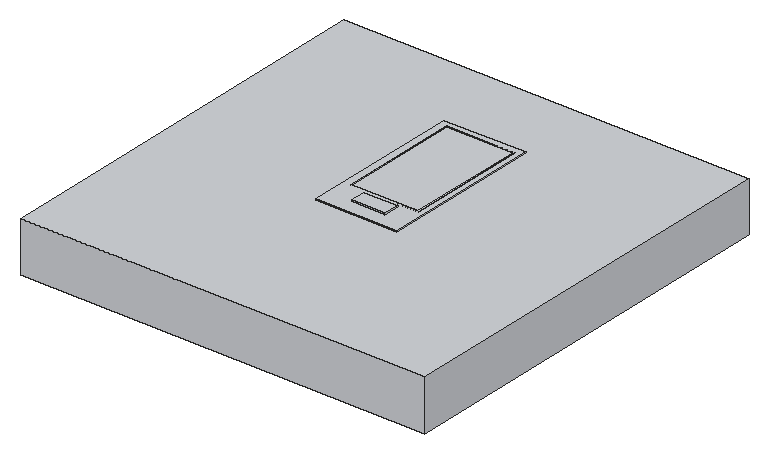
Revit family "M_Bebedouro - Embutido", category Peças hidrossanitárias, Revit 2019
Family settings
  Hospedeiro = Face
  Cota do conector redondo = Usar raio
  Tipo de parte = Normal
  Número OmniClass = 23.65.70.14.11
  Título OmniClass = Drinking Fountains/Coolers
  ID de item do Seek = Drinking Fountain - Recessed-0000-CAN-ENU
  Corte com vazios quando carregada = Não
  Compartilhado = Não
  Ponto de cálculo do ambiente = Não
Parameters (values of type "Padrão")
  WFU = 0.5
  Espessura = 3.2 mm
  Raio do sanitário = 16 mm
  Diâmetro do sanitário = Raio do sanitário * 2  # 32 mm
  Largura da meia fonte = Largura da fonte / 2  # 245 mm
  HWFU = 0
  Largura da fonte = 490 mm
  Comprimento da fonte = 305 mm
  Altura da fonte = 970 mm
  Pressão do fluxo [instance] = 55158.0 Pa
  Material da torneira = none
  Material de bebedouro = none
  Elevação-padrão = 915 mm
  Raio da água gelada = 5 mm
  Diâmetro da água gelada = Raio da água gelada * 2  # 10 mm
  CWFU = 0.25
  Material do botão = none
Reference planes
  plane 1 "Centro (Frente/Trás)": y = 0
  plane 2: z = 0
  plane 3 "Centro (Esquerda/Direita)": x = 0
  plane 4: z = -305
  plane 5: z = 3.2
  plane 6: z = 9.55
  plane 7: x = -245
  plane 8: x = 245
  plane 9: x = -203.725
  plane 10: x = 203.725
  plane 11: x = -101.6
  plane 12: y = -212.725
  plane 13: y = 757.275
  plane 14: y = 722.35
  plane 15: y = -120.65
  plane 16: y = -28.575
  plane 17: y = 50.8
  plane 18: x = 206.925
  plane 19: y = 725.55
  plane 20: x = -206.925
  plane 21: y = -3.2
  plane 22: z = -301.8
  plane 23: x = -178.325
  plane 24: x = 178.325
  plane 25: z = -282.75
  plane 26: z = -241.475
  plane 27: z = -31.725
  plane 28: z = -15.85
  plane 29: z = -41.153
  plane 30: x = -181.525
  plane 31: z = -37.953
  plane 32: z = -12.65
  plane 33: x = 181.525
  plane 34: z = -285.95
  plane 35: y = -57.15
  plane 36: y = -60.35
  plane 37: x = -121.175
  plane 38: x = 146.05
  plane 39: x = 149.225
  plane 40: x = 146.575
  plane 41: x = 149.775
  plane 42: x = 171.975
  plane 43: y = -31.775
Forms (mm)
  Extrusion 1, solid
    sketch origin (0, 0, 0) x (1, 0, 0) y (0, 1, 0)
      loop
        line (-1219.725, 1217.65) -> (-1219.725, -1219.2) -> (1219.725, -1219.2) -> (1219.725, 1217.65) -> (-1219.725, 1217.65)
    from 0 to -304.8
  Extrusion 2, solid, material <- "Material de bebedouro"
    sketch origin (0, 0, 0) x (1, 0, 0) y (0, 1, 0)
      loop
        line (-206.925, 725.55) -> (-206.925, -3.2) -> (206.925, -3.2) -> (206.925, 725.55) -> (-206.925, 725.55)
      loop
        line (203.725, 722.35) -> (-203.725, 722.35) -> (-203.725, 0) -> (203.725, 0) -> (203.725, 722.35)
    from -305 to 0
  Extrusion 3, solid, material <- "Material de bebedouro", detail levels fine
    sketch origin (0, 0, 0) x (1, 0, 0) y (0, 1, 0)
      loop
        line (203.725, 722.35) -> (-203.725, 722.35) -> (-203.725, 0) -> (203.725, 0) -> (203.725, 722.35)
      loop
        line (-245, 757.275) -> (-245, -212.725) -> (245, -212.725) -> (245, 757.275) -> (-245, 757.275)
    from 0 to 3.2
  Extrusion 4, solid, material <- "Material de bebedouro"
    sketch origin (0, 0, 0) x (1, 0, 0) y (0, 1, 0)
      loop
        line (203.725, 722.35) -> (-203.725, 722.35) -> (-203.725, 0) -> (203.725, 0) -> (203.725, 722.35)
    from -305 to -301.8
  Extrusion 5, solid, material <- "Material do botão", detail levels fine
    sketch origin (0, 0, 0) x (1, 0, 0) y (0, 1, 0)
      loop
        line (-101.6, -28.575) -> (-101.6, -120.65) -> (101.6, -120.65) -> (101.6, -28.575) -> (-101.6, -28.575)
    from 3.2 to 9.55
  Extrusion 6, solid, material <- "Material de bebedouro"
    sketch origin (0, 0, 0) x (1, 0, 0) y (0, 0, 1)
      loop
        line (149.775, -37.953) -> (149.775, -12.65) -> (-181.525, -12.65) -> (-181.525, -285.95) -> (181.525, -285.95) -> (181.525, -37.953) -> (149.775, -37.953)
    from 0 to 60.35
  Extrusion 7, void
    sketch origin (0, 0, 0) x (1, 0, 0) y (0, 0, 1)
      loop
        line (-178.325, -15.85) -> (-178.325, -282.75) -> (178.325, -282.75) -> (178.325, -41.153) -> (146.575, -41.153) -> (146.575, -15.85) -> (-178.325, -15.85)
    from 0 to 57.15
  Extrusion 8, void
    sketch origin (0, 0, 0) x (1, 0, 0) y (0, 0, 1)
      loop
        circle (-121.175, -241.475) r 15.875
    from 57.15 to 60.35
  Extrusion 9, solid, material <- "Material da torneira", detail levels fine
    sketch origin (0, 0, 0) x (-1, 0, 0) y (0, 0, -1)
      loop
        line (-162.995, 22.72) -> (-180.98, 40.705)
        arc (-180.98, 40.705) -> (-180.968, 22.732) -> (-162.995, 22.72) r 12.718
    from -50.8 to 0
  Extrusion 10, solid, material <- "Material de bebedouro"
    sketch origin (0, 0, 0) x (1, 0, 0) y (0, 0, 1)
      loop
        circle (-121.175, -241.475) r 15.875
    from 57.15 to 60.35
  Extrusion 11, solid, material <- "Material de bebedouro"
    sketch origin (0, 0, 0) x (1, 0, 0) y (0, 1, 0)
      loop
        circle (0, -31.775) r 5
    from -285.95 to -282.75
Cuts and joins
  Extrusion 7, Extrusion 8 cuts Extrusion 2
  Extrusion 7, Extrusion 8 cuts Extrusion 6
  joined: Extrusion 2, Extrusion 4, Extrusion 6
Lines and regions (mm)
  symbolic lines, detail levels coarse+medium
    curve 1: line (146.575, 0, -41.153) -> (146.575, 0, -15.85)
    curve 2: line (178.325, 0, -41.153) -> (146.575, 0, -41.153)
    curve 3: line (178.325, 0, -282.75) -> (178.325, 0, -41.153)
    curve 4: line (-178.325, 0, -282.75) -> (178.325, 0, -282.75)
    curve 5: line (-178.325, 0, -15.85) -> (-178.325, 0, -282.75)
    curve 6: line (146.575, 0, -15.85) -> (-178.325, 0, -15.85)
    curve 7: line (162.995, 0, -22.72) -> (180.98, 0, -40.705)
    curve 8: arc (180.98, 0, -40.705) -> (180.968, 0, -22.732) -> (162.995, 0, -22.72) r 12.718
    curve 9: circle (-121.175, 0, -241.475) r 15.875 normal (0, -1, 0)
Dimensions and locks
  "Comprimento da fonte": plane 2 to plane 4
  "Espessura": plane 5 to plane 2
  locked: plane 6 to plane 5 at 6.35
  "Largura da meia fonte": plane 7 to plane 3 "Centro (Esquerda/Direita)"
  "Largura da meia fonte": plane 3 "Centro (Esquerda/Direita)" to plane 8
  locked: plane 7 to plane 9 at 41.275
  locked: plane 10 to plane 8 at 41.275
  locked: plane 11 to plane 3 "Centro (Esquerda/Direita)" at 101.6
  "Altura da fonte": plane 13 to plane 12
  locked: plane 12 to plane 1 "Centro (Frente/Trás)" at 212.725
  locked: plane 13 to plane 14 at 34.925
  locked: plane 12 to plane 15 at 92.075
  locked: plane 15 to plane 16 at 92.075
  locked: plane 1 "Centro (Frente/Trás)" to plane 17 at 50.8
  "Espessura": plane 10 to plane 18
  "Espessura": plane 20 to plane 9
  "Espessura": plane 21 to plane 1 "Centro (Frente/Trás)"
  "Espessura": plane 19 to plane 14
  "Espessura": plane 22 to plane 4
  locked: plane 25 to plane 22 at 19.05
  locked: plane 26 to plane 25 at 41.275
  locked: plane 5 to plane 27 at 34.925
  locked: plane 5 to plane 28 at 19.05
  locked: plane 23 to plane 9 at 25.4
  locked: plane 24 to plane 10 at 25.4
  locked: plane 28 to plane 29 at 25.303
  "Espessura": plane 32 to plane 28
  "Espessura": plane 25 to plane 34
  "Espessura": plane 24 to plane 33
  "Espessura": plane 23 to plane 30
  "Espessura": plane 31 to plane 29
  locked: plane 35 to plane 1 "Centro (Frente/Trás)" at 57.15
  "Espessura": plane 36 to plane 35
  locked: plane 37 to plane 23 at 57.15
  "Espessura": plane 40 to plane 41
  locked: plane 40 to plane 24 at 31.75
  locked: plane 42 to plane 10 at 31.75
  locked: plane 36 to plane 43 at 28.575
  radius of Extrusion 8 sketch curve = 15.875 mm
  radius of Extrusion 10 sketch curve = 15.875 mm
  "Raio da água gelada": radius of Extrusion 11 sketch curve
  aligned and locked: plane 2 to Extrusion 1
  aligned and locked: level to Extrusion 1
  aligned and locked: plane 20 to Extrusion 2 sketch curve  (x2)
  aligned and locked: Extrusion 2 sketch curve to plane 19
  aligned and locked: plane 21 to Extrusion 2 sketch curve  (x2)
  aligned and locked: plane 18 to Extrusion 2 sketch curve  (x2)
  aligned and locked: plane 19 to Extrusion 2 sketch curve
  aligned and locked: plane 9 to Extrusion 2 sketch curve  (x2)
  aligned and locked: plane 14 to Extrusion 2 sketch curve  (x2)
  aligned and locked: plane 10 to Extrusion 2 sketch curve
  aligned and locked: Extrusion 2 sketch curve to plane 10
  aligned and locked: plane 1 "Centro (Frente/Trás)" to Extrusion 2 sketch curve  (x2)
  aligned and locked: plane 1 "Centro (Frente/Trás)" to Extrusion 3 sketch curve
  aligned and locked: Extrusion 3 sketch curve to plane 10
  aligned and locked: Extrusion 3 sketch curve to plane 9
  aligned and locked: plane 14 to Extrusion 3 sketch curve
  aligned and locked: plane 7 to Extrusion 3 sketch curve  (x2)
  aligned and locked: Extrusion 3 sketch curve to plane 13
  aligned and locked: plane 12 to Extrusion 3 sketch curve  (x2)
  aligned and locked: plane 13 to Extrusion 3 sketch curve
  aligned and locked: plane 8 to Extrusion 3 sketch curve  (x2)
  aligned and locked: Extrusion 2 to plane 4
  aligned and locked: plane 2 to Extrusion 2
  aligned and locked: Extrusion 3 to plane 2
  aligned and locked: Extrusion 4 to plane 4
  aligned and locked: plane 22 to Extrusion 4
  aligned and locked: plane 14 to Extrusion 4 sketch curve
  aligned and locked: Extrusion 4 sketch curve to plane 9
  aligned and locked: Extrusion 4 sketch curve to plane 10
  aligned and locked: plane 1 "Centro (Frente/Trás)" to Extrusion 4 sketch curve
  aligned and locked: plane 11 to Extrusion 5 sketch curve
  aligned and locked: Extrusion 5 sketch curve to plane 15
  aligned and locked: plane 16 to Extrusion 5 sketch curve
  aligned and locked: Extrusion 5 to plane 5
  aligned and locked: plane 6 to Extrusion 5
  aligned and locked: plane 5 to Extrusion 3
  aligned and locked: plane 30 to Extrusion 6 sketch curve
  aligned and locked: plane 34 to Extrusion 6 sketch curve
  aligned and locked: Extrusion 6 sketch curve to plane 33
  aligned and locked: Extrusion 6 to plane 1 "Centro (Frente/Trás)"
  aligned and locked: plane 36 to Extrusion 6
  aligned and locked: Extrusion 7 sketch curve to plane 28
  aligned and locked: plane 23 to Extrusion 7 sketch curve
  aligned and locked: plane 25 to Extrusion 7 sketch curve
  aligned and locked: plane 24 to Extrusion 7 sketch curve
  aligned and locked: plane 35 to Extrusion 7
  aligned and locked: plane 26 to Extrusion 8 sketch curve
  aligned and locked: plane 37 to Extrusion 8 sketch curve
  aligned and locked: plane 42 to Extrusion 9 sketch curve
  aligned and locked: plane 27 to Extrusion 9 sketch curve
  aligned and locked: Extrusion 6 sketch curve to plane 41
  aligned and locked: Extrusion 6 sketch curve to plane 32
  aligned and locked: Extrusion 6 sketch curve to plane 31
  aligned and locked: Extrusion 7 sketch curve to plane 29
  aligned and locked: plane 40 to Extrusion 7 sketch curve
  aligned and locked: plane 17 to Extrusion 9
  aligned and locked: plane 1 "Centro (Frente/Trás)" to Extrusion 9
  aligned and locked: Extrusion 8 to plane 35
  aligned and locked: plane 36 to Extrusion 8
  aligned and locked: plane 37 to Extrusion 10 sketch curve
  aligned and locked: plane 26 to Extrusion 10 sketch curve
  aligned and locked: Extrusion 10 to plane 35
  aligned and locked: plane 36 to Extrusion 10
  aligned and locked: curve 6 to plane 28
  aligned and locked: plane 40 to curve 1
  aligned and locked: curve 2 to plane 29
  aligned and locked: plane 24 to curve 3
  aligned and locked: plane 25 to curve 4
  aligned and locked: plane 23 to curve 5
  aligned and locked: curve 7 to Extrusion 9
  aligned and locked: curve 8 to Extrusion 9
  aligned and locked: curve 9 to Extrusion 10
  aligned and locked: plane 43 to Extrusion 11 sketch curve
  aligned and locked: plane 3 "Centro (Esquerda/Direita)" to Extrusion 11 sketch curve
  aligned and locked: plane 25 to Extrusion 11
  aligned and locked: Extrusion 11 to plane 34
Automatic sketch dimensions
  plane 38 to Extrusion 5 sketch curve = 44.45 mm
  plane 33 to Extrusion 9 sketch curve = 0.545 mm
  Extrusion 9 sketch curve to plane 42 = 8.98 mm
  Extrusion 9 sketch curve to plane 29 = 0.448 mm
  Extrusion 1 sketch curve to Extrusion 1 sketch curve = 2439.45 mm
  Extrusion 1 sketch curve to Extrusion 1 sketch curve = 2436.85 mm
Connectors
  piping at (0, -31.775, -285.95), diameter 10, driven by "Raio da água gelada", driven by "Pressão do fluxo", driven by "CWFU"
    settings: on Extrusion 11, index 1, connector inside diameter 10 mm, connector length 0 mm, flow factor 0, pipe flow 0.0 L/s, pressure drop 55158.0 Pa, fitting loss kfactor 0, connector angle 0.00°, fixture units 0.25, engagement length 0 mm, angle of deflection 0.00°, flow configuration 3, flow direction 1, fitting loss method 4, system type 20, joint type 0, gender type 0, connector reference index -1, connector utility 0, adjustable connector no, is connector primary yes, connector description "In"
  piping at (-121.175, -60.35, -241.475), diameter 32, driven by "WFU", driven by "Raio do sanitário"
    settings: on cut or joined group of Extrusion 2, Extrusion 4, Extrusion 6, Extrusion 7, Extrusion 8, index 2, connector inside diameter 32 mm, connector length 0 mm, flow factor 0, pipe flow 0.0 L/s, pressure drop 0.0 Pa, fitting loss kfactor 0, connector angle 0.00°, fixture units 0.5, engagement length 0 mm, angle of deflection 0.00°, flow configuration 3, flow direction 2, fitting loss method 0, system type 16, joint type 0, gender type 0, connector reference index -1, connector utility 0, adjustable connector no, is connector primary no, connector description "Saída"
